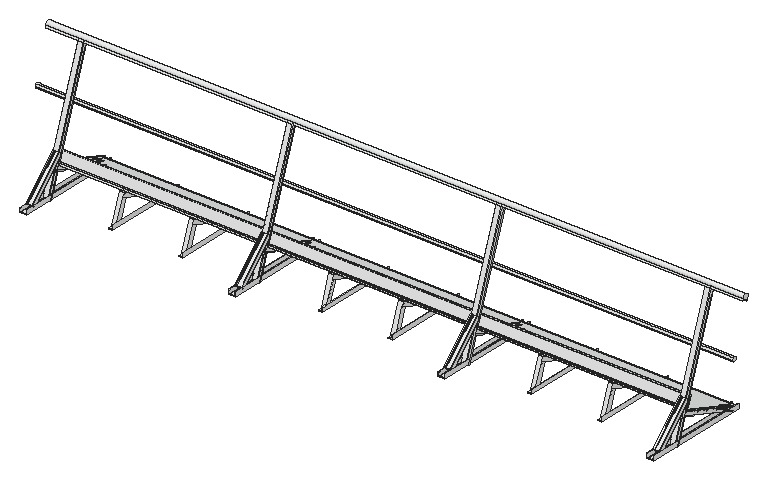
Revit family "Walkway_KattsafeUSA_Guardrail1Side_Levelled", category Specialty Equipment, Revit 2026 (continued)
Definition of nested family "z_Guardrail_KattsafeUSA_ToeBoard"
  Parameters (values of type "GW320")
    ManufacturerOverallLength [instance] = 19' - 8.22047"
    ManufacturerOverallHeight = 0' - 3.93701"  # constant formula
    Manufacturer = "Kattsafe®"  # constant formula
    Keynote = ""
    Description = "Toe Board 100 x 25 C Section"
    Default Elevation = 0' - 0"  # constant formula
    CreatedBy = "IGS BIM Solutions"  # constant formula
    CreatedByURL = "https://igsgroup.com.au"
  Reference planes (in)
    plane 1 "Bottom": z = 0
    plane 2 "Center (Front/Back)": y = 0
    plane 3 "Front": y = -0.49213
    plane 4 "Left": x = -1.01514
    plane 5 "Center (Left/Right)": x = 117.0951
    plane 6 "Top": z = 3.93701
    plane 7 "Right": x = 235.20533
    plane 8 "Back": y = 0.49213
  Forms (in)
    Extrusion 1, solid, material <- "Material"
      sketch origin (-1.01514, 0, 0) x (0, 1, 0) y (0, 0, 1)
        loop
          line (0.49213, 0) -> (0.49213, 3.93701) -> (-0.49213, 3.93701) -> (-0.49213, 3.8189) -> (0.37402, 3.8189) -> (0.37402, 0.11811) -> (-0.49213, 0.11811) -> (-0.49213, 0) -> (0.49213, 0)
      from 0 to 236.22047
  Dimensions and locks (in)
    "ManufacturerOverallWidth": plane 8 "Back" to plane 3 "Front"
    "ManufacturerOverallHeight": plane 6 "Top" to plane 1 "Bottom"
    equal spacing: plane 4 "Left", plane 5 "Center (Left/Right)", plane 7 "Right"
    "ManufacturerOverallLength": plane 4 "Left" to plane 7 "Right"
    equal spacing: plane 8 "Back", plane 2 "Center (Front/Back)", plane 3 "Front"
    aligned and locked: plane 1 "Bottom" to level
    aligned and locked: Extrusion 1 to plane 4 "Left"
    aligned and locked: Extrusion 1 to plane 7 "Right"
  Automatic sketch dimensions
    level to Extrusion 1 sketch curve = 0' - 0"
    Extrusion 1 sketch curve to plane 3 "Front" = 0' - 0"
    plane 6 "Top" to Extrusion 1 sketch curve = 0' - 0"
    Extrusion 1 sketch curve to plane 8 "Back" = 0' - 0"
    plane 2 "Center (Front/Back)" to Extrusion 1 sketch curve = 0' - 0.49213"
    level to Extrusion 1 sketch curve = 0' - 0.11811"
    plane 8 "Back" to Extrusion 1 sketch curve = 0' - 0.11811"
    plane 6 "Top" to Extrusion 1 sketch curve = 0' - 0.11811"
Definition of nested family "z_Walkway_KattsafeUSA_Aluminium"
  Parameters (values of type "GW335.6000")
    WalkwayMaterial [instance] = none
    URL = "https://kattsafe.com"
    Type Comments = ""
    Model = "GW335.6000"
    Material [instance] = none
    ManufacturerURLProductSpecific = ""
    ManufacturerSpecCode = Model  # "GW335.6000"
    ManufacturerOverallWidth [instance] = 1' - 11.62205"
    ManufacturerOverallLength [instance] = 19' - 8.22047"
    ManufacturerOverallHeight = 0' - 0.51181"  # constant formula
    Manufacturer = "Kattsafe®"  # constant formula
    Keynote = ""
    End2_Angle_Calc [instance] = if(1 = 1, End2_Angle + 90.00°, 0.00°)  # 90.00°
    End2_Angle [instance] = 0.00°
    End1_Angle_Calc [instance] = if(1 = 1, End1_Angle + 90.00°, 0.00°)  # 90.00°
    End1_Angle [instance] = 0.00°
    Description = ""
    Default Elevation = 0' - 0"  # constant formula
    CreatedBy = "IGS BIM Solutions"  # constant formula
    CreatedByURL = "https://igsgroup.com.au"
  Reference planes (in)
    plane 1 "Bottom": z = 0
    plane 2 "Center (Front/Back)": y = 0
    plane 3 "Front": y = -11.81102
    plane 4 "Left": x = -1.01514
    plane 5 "Center (Left/Right)": x = 117.0951
    plane 6 "Top": z = 0.51181
    plane 7 "Right": x = 235.20533
    plane 8 "Back": y = 11.81102
    plane 9 "InsetBack": y = 11.77165
    plane 10 "InsetFront": y = -11.77165
  Forms (in)
    Extrusion 1, solid, material <- "Material"
      sketch origin (0, 0, 0) x (1, 0, 0) y (0, 1, 0)
        loop
          line (-1.01514, 11.81102) -> (-1.01514, -11.81102) -> (235.20533, -11.81102) -> (235.20533, 11.81102) -> (-1.01514, 11.81102)
        loop
          line (-0.97577, 11.77165) -> (-0.97577, -11.77165) -> (235.16596, -11.77165) -> (235.16596, 11.77165) -> (-0.97577, 11.77165)
      from 0 to 0.51181
    Extrusion 2, solid, material <- "WalkwayMaterial"
      sketch origin (0, 0, 0) x (1, 0, 0) y (0, 1, 0)
        loop
          line (-0.97577, 11.77165) -> (-0.97577, -11.77165) -> (235.16596, -11.77165) -> (235.16596, 11.77165) -> (-0.97577, 11.77165)
      from 0 to 0.51181
  Lines and regions (in)
    reference lines
      curve 1: line (-1.01514, -11.81102, 0) -> (-1.01514, 11.81102, 0)
      curve 2: line (235.20533, -11.81102, 0) -> (235.20533, 11.81102, 0)
      curve 3: line (-0.97577, 11.81102, 0) -> (-0.97577, -11.81102, 0)
      curve 4: line (235.16596, -11.81102, 0) -> (235.16596, 11.81102, 0)
  Dimensions and locks (in)
    "ManufacturerOverallWidth": plane 8 "Back" to plane 3 "Front"
    "ManufacturerOverallHeight": plane 6 "Top" to plane 1 "Bottom"
    equal spacing: plane 4 "Left", plane 5 "Center (Left/Right)", plane 7 "Right"
    "ManufacturerOverallLength": plane 4 "Left" to plane 7 "Right"
    equal spacing: plane 8 "Back", plane 2 "Center (Front/Back)", plane 3 "Front"
    locked: plane 9 "InsetBack" to plane 8 "Back" at 0.03937
    locked: plane 10 "InsetFront" to plane 3 "Front" at 0.03937
    locked: curve 3 to curve 1 at 0.03937
    locked: curve 2 to curve 4 at 0.03937
    "End1_Angle_Calc": angle curve 1 to plane 3 "Front"
    "End2_Angle_Calc": angle plane 3 "Front" to curve 2
    "End1_Angle_Calc": angle curve 3 to plane 3 "Front"
    "End2_Angle_Calc": angle plane 3 "Front" to curve 4
    aligned and locked: plane 1 "Bottom" to level
    aligned and locked: Extrusion 1 to plane 3 "Front"
    aligned and locked: Extrusion 1 to plane 8 "Back"
    aligned and locked: Extrusion 1 to plane 1 "Bottom"
    aligned and locked: Extrusion 1 to plane 6 "Top"
    aligned and locked: plane 4 "Left" to curve 1
    aligned and locked: plane 3 "Front" to curve 1
    aligned and locked: plane 8 "Back" to curve 1
    aligned and locked: plane 7 "Right" to curve 2
    aligned and locked: plane 3 "Front" to curve 2
    aligned and locked: plane 8 "Back" to curve 2
    aligned and locked: plane 9 "InsetBack" to Extrusion 1 sketch curve
    aligned and locked: plane 10 "InsetFront" to Extrusion 1 sketch curve
    aligned and locked: plane 9 "InsetBack" to Extrusion 2 sketch curve
    aligned and locked: plane 10 "InsetFront" to Extrusion 2 sketch curve
    aligned and locked: Extrusion 2 to plane 6 "Top"
    aligned and locked: Extrusion 2 to plane 1 "Bottom"
    aligned and locked: plane 3 "Front" to curve 3
    aligned and locked: plane 8 "Back" to curve 3
    aligned and locked: plane 3 "Front" to curve 4
    aligned and locked: plane 8 "Back" to curve 4
    aligned and locked: Extrusion 2 sketch curve to curve 4
    aligned and locked: Extrusion 2 sketch curve to curve 3
    aligned and locked: Extrusion 1 sketch curve to curve 3
    aligned and locked: Extrusion 1 sketch curve to curve 1
    aligned and locked: Extrusion 1 sketch curve to curve 4
    aligned and locked: Extrusion 1 sketch curve to curve 2
  Automatic sketch dimensions
    plane 8 "Back" to Extrusion 1 sketch curve = 0' - 0"
    Extrusion 1 sketch curve to plane 3 "Front" = 0' - 0"
